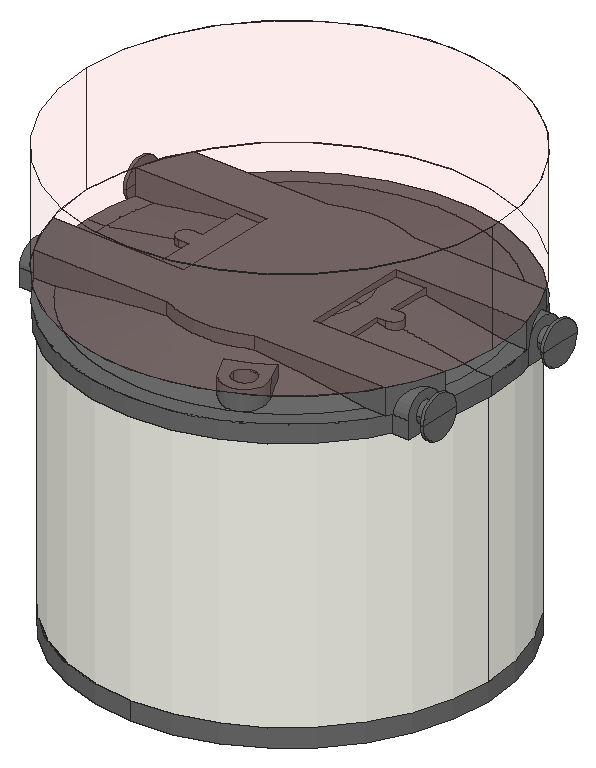
Revit family (continued)
Definition of nested family "Cooling_Plant_Accessories-Calmac-IceBank-Lid_C"
  Dimensions and locks (in)
    aligned and locked: curve 122 to cut or joined group of Revolve 1, Extrusion 2, Extrusion 4, Extrusion 5
    aligned and locked: curve 123 to cut or joined group of Revolve 1, Extrusion 2, Extrusion 4, Extrusion 5
    aligned and locked: curve 124 to cut or joined group of Revolve 1, Extrusion 2, Extrusion 4, Extrusion 5
    aligned and locked: curve 125 to cut or joined group of Revolve 1, Extrusion 2, Extrusion 4, Extrusion 5
    aligned and locked: curve 126 to cut or joined group of Revolve 1, Extrusion 2, Extrusion 4, Extrusion 5
    aligned and locked: curve 127 to cut or joined group of Revolve 1, Extrusion 2, Extrusion 4, Extrusion 5
    aligned and locked: curve 128 to cut or joined group of Revolve 1, Extrusion 2, Extrusion 4, Extrusion 5
    aligned and locked: curve 129 to cut or joined group of Revolve 1, Extrusion 2, Extrusion 4, Extrusion 5
    aligned and locked: curve 130 to cut or joined group of Revolve 1, Extrusion 2, Extrusion 4, Extrusion 5
    aligned and locked: curve 131 to cut or joined group of Revolve 1, Extrusion 2, Extrusion 4, Extrusion 5
    aligned and locked: curve 132 to cut or joined group of Revolve 1, Extrusion 2, Extrusion 4, Extrusion 5
    aligned and locked: curve 133 to cut or joined group of Revolve 1, Extrusion 2, Extrusion 4, Extrusion 5
    aligned and locked: curve 134 to cut or joined group of Revolve 1, Extrusion 2, Extrusion 4, Extrusion 5
    aligned and locked: curve 135 to cut or joined group of Revolve 1, Extrusion 2, Extrusion 4, Extrusion 5
    aligned and locked: curve 136 to cut or joined group of Revolve 1, Extrusion 2, Extrusion 4, Extrusion 5
    aligned and locked: curve 137 to cut or joined group of Revolve 1, Extrusion 2, Extrusion 4, Extrusion 5
    aligned and locked: curve 138 to cut or joined group of Revolve 1, Extrusion 2, Extrusion 4, Extrusion 5
    aligned and locked: curve 139 to cut or joined group of Revolve 1, Extrusion 2, Extrusion 4, Extrusion 5
    aligned and locked: curve 140 to cut or joined group of Revolve 1, Extrusion 2, Extrusion 4, Extrusion 5
    aligned and locked: curve 141 to cut or joined group of Revolve 1, Extrusion 2, Extrusion 4, Extrusion 5
    aligned and locked: curve 142 to cut or joined group of Revolve 1, Extrusion 2, Extrusion 4, Extrusion 5
    aligned and locked: curve 143 to cut or joined group of Revolve 1, Extrusion 2, Extrusion 4, Extrusion 5
    aligned and locked: curve 144 to cut or joined group of Revolve 1, Extrusion 2, Extrusion 4, Extrusion 5
    aligned and locked: curve 145 to cut or joined group of Revolve 1, Extrusion 2, Extrusion 4, Extrusion 5
    aligned and locked: curve 146 to cut or joined group of Revolve 1, Extrusion 2, Extrusion 4, Extrusion 5
    aligned and locked: curve 147 to cut or joined group of Revolve 1, Extrusion 2, Extrusion 4, Extrusion 5
    aligned and locked: curve 148 to cut or joined group of Revolve 1, Extrusion 2, Extrusion 4, Extrusion 5
    aligned and locked: cut or joined group of Revolve 1, Extrusion 2, Extrusion 4, Extrusion 5 to curve 149
    aligned and locked: curve 150 to cut or joined group of Revolve 1, Extrusion 2, Extrusion 4, Extrusion 5
    aligned and locked: curve 151 to cut or joined group of Revolve 1, Extrusion 2, Extrusion 4, Extrusion 5
    aligned and locked: cut or joined group of Revolve 1, Extrusion 2, Extrusion 4, Extrusion 5 to curve 152
    aligned and locked: curve 153 to cut or joined group of Revolve 1, Extrusion 2, Extrusion 4, Extrusion 5
    aligned and locked: curve 154 to cut or joined group of Revolve 1, Extrusion 2, Extrusion 4, Extrusion 5
    aligned and locked: curve 155 to cut or joined group of Revolve 1, Extrusion 2, Extrusion 4, Extrusion 5
    aligned and locked: curve 156 to cut or joined group of Revolve 1, Extrusion 2, Extrusion 4, Extrusion 5
    aligned and locked: curve 157 to cut or joined group of Revolve 1, Extrusion 2, Extrusion 4, Extrusion 5
    aligned and locked: curve 158 to cut or joined group of Revolve 1, Extrusion 2, Extrusion 4, Extrusion 5
    aligned and locked: curve 159 to cut or joined group of Revolve 1, Extrusion 2, Extrusion 4, Extrusion 5
    aligned and locked: curve 160 to cut or joined group of Revolve 1, Extrusion 2, Extrusion 4, Extrusion 5
    aligned and locked: curve 161 to cut or joined group of Revolve 1, Extrusion 2, Extrusion 4, Extrusion 5
    aligned and locked: curve 162 to cut or joined group of Revolve 1, Extrusion 2, Extrusion 4, Extrusion 5
    aligned and locked: curve 163 to cut or joined group of Revolve 1, Extrusion 2, Extrusion 4, Extrusion 5
    aligned and locked: curve 164 to cut or joined group of Revolve 1, Extrusion 2, Extrusion 4, Extrusion 5
    aligned and locked: curve 127 to curve 165
    aligned and locked: plane 19 "Rigging Front" to curve 166
    aligned and locked: plane 9 "Rigging Back" to curve 166
    aligned and locked: curve 121 to curve 167
    aligned and locked: plane 19 "Rigging Front" to curve 168
    aligned and locked: plane 9 "Rigging Back" to curve 168
    aligned and locked: plane 8 "Piping Back" to curve 167  (x2)
    aligned and locked: Masking region 3 sketch curve to plane 5 "Back Connector Back"
    aligned and locked: Masking region 3 sketch curve to plane 44 "Connection Sleeve Left"
    aligned and locked: plane 45 "Connection Sleeve Right" to Masking region 3 sketch curve
    aligned and locked: plane 15 "Front Connection Front" to Masking region 3 sketch curve
    aligned and locked: curve 169 to cut or joined group of Revolve 1, Extrusion 2, Extrusion 4, Extrusion 5
    aligned and locked: curve 170 to cut or joined group of Revolve 1, Extrusion 2, Extrusion 4, Extrusion 5
    aligned and locked: curve 171 to curve 169
    aligned and locked: curve 172 to curve 170
    aligned and locked: curve 173 to cut or joined group of Revolve 1, Extrusion 2, Extrusion 4, Extrusion 5
    aligned and locked: curve 174 to cut or joined group of Revolve 1, Extrusion 2, Extrusion 4, Extrusion 5
    aligned and locked: curve 175 to cut or joined group of Revolve 1, Extrusion 2, Extrusion 4, Extrusion 5
    aligned and locked: curve 176 to cut or joined group of Revolve 1, Extrusion 2, Extrusion 4, Extrusion 5
    aligned and locked: curve 177 to cut or joined group of Revolve 1, Extrusion 2, Extrusion 4, Extrusion 5
    aligned and locked: curve 178 to cut or joined group of Revolve 1, Extrusion 2, Extrusion 4, Extrusion 5
    aligned and locked: curve 179 to cut or joined group of Revolve 1, Extrusion 2, Extrusion 4, Extrusion 5
    aligned and locked: curve 180 to cut or joined group of Revolve 1, Extrusion 2, Extrusion 4, Extrusion 5
    aligned and locked: cut or joined group of Revolve 1, Extrusion 2, Extrusion 4, Extrusion 5 to curve 181
    aligned and locked: curve 182 to cut or joined group of Revolve 1, Extrusion 2, Extrusion 4, Extrusion 5
    aligned and locked: curve 183 to cut or joined group of Revolve 1, Extrusion 2, Extrusion 4, Extrusion 5
    aligned and locked: curve 184 to cut or joined group of Revolve 1, Extrusion 2, Extrusion 4, Extrusion 5
    aligned and locked: curve 185 to cut or joined group of Revolve 1, Extrusion 2, Extrusion 4, Extrusion 5
    aligned and locked: curve 186 to cut or joined group of Revolve 1, Extrusion 2, Extrusion 4, Extrusion 5
    aligned and locked: curve 187 to cut or joined group of Revolve 1, Extrusion 2, Extrusion 4, Extrusion 5
    aligned and locked: curve 188 to cut or joined group of Revolve 1, Extrusion 2, Extrusion 4, Extrusion 5
    aligned and locked: curve 189 to cut or joined group of Revolve 1, Extrusion 2, Extrusion 4, Extrusion 5
    aligned and locked: curve 190 to cut or joined group of Revolve 1, Extrusion 2, Extrusion 4, Extrusion 5
    aligned and locked: cut or joined group of Revolve 1, Extrusion 2, Extrusion 4, Extrusion 5 to curve 191
    aligned and locked: cut or joined group of Revolve 1, Extrusion 2, Extrusion 4, Extrusion 5 to curve 192
    aligned and locked: cut or joined group of Revolve 1, Extrusion 2, Extrusion 4, Extrusion 5 to curve 193
    aligned and locked: cut or joined group of Revolve 1, Extrusion 2, Extrusion 4, Extrusion 5 to curve 194
    aligned and locked: curve 195 to cut or joined group of Revolve 1, Extrusion 2, Extrusion 4, Extrusion 5
    aligned and locked: cut or joined group of Revolve 1, Extrusion 2, Extrusion 4, Extrusion 5 to curve 196
    aligned and locked: curve 197 to cut or joined group of Revolve 1, Extrusion 2, Extrusion 4, Extrusion 5
    aligned and locked: cut or joined group of Revolve 1, Extrusion 2, Extrusion 4, Extrusion 5 to curve 198
    aligned and locked: plane 6 "Back Connector Center" to nested 4
    aligned and locked: nested 4 to plane 44 "Connection Sleeve Left"
    aligned and locked: nested 1 to plane 6 "Back Connector Center"
    aligned and locked: nested 1 to plane 45 "Connection Sleeve Right"
    aligned and locked: plane 16 "Fron Connector Center" to nested 2
    aligned and locked: nested 2 to plane 45 "Connection Sleeve Right"
    aligned and locked: nested 3 to plane 16 "Fron Connector Center"
    aligned and locked: nested 3 to plane 44 "Connection Sleeve Left"
    aligned and locked: plane 2 "Bottom" to curve 201
    aligned and locked: plane 1 "Center (Front/Back)" to curve 201
    aligned and locked: plane 3 "Center (Left/Right)" to nested 5
    aligned and locked: plane 1 "Center (Front/Back)" to nested 5
    aligned: plane 54 "Top of Clearance Box" to nested 5
    aligned: plane 55 "Top" to nested 5  (x4)
    aligned and locked: Masking region 1 to plane 55 "Top"
    aligned and locked: plane 57 "Center (Elevation)" to Extrusion 3 sketch curve  (x4)
    aligned and locked: plane 7 "Back Connector Front" to Extrusion 3 sketch curve
    aligned and locked: plane 55 "Top" to cut or joined group of Revolve 1, Extrusion 2, Extrusion 4, Extrusion 5
    aligned and locked: plane 57 "Center (Elevation)" to curve 172
    aligned and locked: cut or joined group of Revolve 1, Extrusion 2, Extrusion 4, Extrusion 5 to plane 57 "Center (Elevation)"
    aligned: plane 57 "Center (Elevation)" to nested 1  (x2)
    aligned: plane 57 "Center (Elevation)" to nested 2  (x2)
    aligned and locked: plane 57 "Center (Elevation)" to cut or joined group of Revolve 1, Extrusion 2, Extrusion 4, Extrusion 5  (x5)
    aligned and locked: curve 171 to plane 57 "Center (Elevation)"
    aligned: plane 57 "Center (Elevation)" to nested 3
    aligned and locked: curve 120 to plane 56 "Connector Channel Top"
    aligned and locked: curve 114 to plane 56 "Connector Channel Top"
    aligned: Masking region 2 to plane 55 "Top"
    aligned: plane 56 "Connector Channel Top" to Masking region 2
    aligned and locked: plane 21 "Top Front Edge" to Masking region 2
    aligned and locked: plane 58 "Front Inset 2" to Masking region 2
    aligned and locked: plane 57 "Center (Elevation)" to curve 78
    aligned and locked: curve 173 to plane 57 "Center (Elevation)"
    aligned and locked: curve 77 to plane 8 "Piping Back"
    aligned and locked: plane 9 "Rigging Back" to curve 86
    aligned and locked: plane 19 "Rigging Front" to curve 80
    aligned and locked: curve 95 to plane 18 "Piping Front"
    aligned and locked: curve 84 to plane 10 "Rigging Loop Back"
    aligned and locked: curve 82 to plane 20 "Rigging Loop Front"
    aligned and locked: cut or joined group of Revolve 1, Extrusion 2, Extrusion 4, Extrusion 5 to plane 56 "Connector Channel Top"
    aligned and locked: nested 5 to plane 54 "Top of Clearance Box"
    aligned and locked: plane 57 "Center (Elevation)" to nested 1
    aligned and locked: plane 57 "Center (Elevation)" to nested 2
    aligned and locked: plane 57 "Center (Elevation)" to nested 3
    aligned and locked: plane 55 "Top" to nested 5  (x6)
    aligned and locked: plane 54 "Top of Clearance Box" to nested 5  (x4)
    aligned and locked: Masking region 2 sketch curve to plane 55 "Top"
    aligned and locked: plane 56 "Connector Channel Top" to Masking region 2 sketch curve
    aligned and locked: curve 202 to curve 187
    aligned and locked: curve 203 to curve 186
    aligned and locked: curve 204 to curve 185
    aligned and locked: curve 205 to curve 184
    aligned and locked: curve 206 to curve 183
    aligned and locked: curve 207 to curve 182
    aligned and locked: curve 208 to curve 181
    aligned and locked: curve 209 to curve 180
    aligned and locked: curve 210 to curve 179
    aligned and locked: curve 211 to curve 190
    aligned and locked: curve 212 to curve 189
    aligned and locked: curve 213 to curve 188
    aligned and locked: curve 214 to curve 172
    aligned and locked: curve 215 to curve 171
  Automatic sketch dimensions
    Extrusion 4 sketch curve to Extrusion 4 sketch curve = 0"
    Extrusion 5 sketch curve to plane 9 "Rigging Back" = 0"
    Extrusion 2 sketch curve to Extrusion 2 sketch curve = 0"  (x5)
    Extrusion 2 sketch curve to plane 35 "Top Left" = 0"
    Extrusion 2 sketch curve to plane 3 "Center (Left/Right)" = 0"
    Extrusion 2 sketch curve to plane 9 "Rigging Back" = 0"
    plane 30 "Left Lip Inset" to Extrusion 2 sketch curve = 1.96722"  (x2)
    plane 38 "Lid Inset Right" to Extrusion 2 sketch curve = 1.96722"  (x2)
    Extrusion 2 sketch curve to plane 20 "Rigging Loop Front" = 0.60261"
    Extrusion 2 sketch curve to plane 10 "Rigging Loop Back" = 0.60261"
    Masking region 2 sketch curve to plane 27 "Pad Eye Front Center" = 0.69072"
    Masking region 3 sketch curve to Masking region 3 sketch curve = 0"  (x7)
    Masking region 3 sketch curve to plane 5 "Back Connector Back" = 0"
    plane 15 "Front Connection Front" to Masking region 3 sketch curve = 0"
    Masking region 3 sketch curve to plane 43 "Top Right" = 29.61091"
    Masking region 3 sketch curve to plane 45 "Connection Sleeve Right" = 0"
    plane 38 "Lid Inset Right" to Masking region 3 sketch curve = 1.34348"
    Revolve 1 sketch curve to Revolve 1 sketch curve = 3 3/4"
    Revolve 1 sketch curve to Revolve 1 sketch curve = 9"
    Revolve 1 sketch curve to Revolve 1 sketch curve = 0"
    Masking region 1 sketch curve to Masking region 1 sketch curve = 9 1/4"
    Masking region 2 sketch curve to plane 22 "Front Inset" = 0"
    Masking region 2 sketch curve to Masking region 2 sketch curve = 3 3/4"
    Masking region 2 sketch curve to Masking region 2 sketch curve = 0.64281"
    level to Masking region 2 sketch curve = 6.26888"
    level to Masking region 2 sketch curve = 6.54801"
    Masking region 2 sketch curve to Masking region 2 sketch curve = 0.27913"
    Masking region 2 sketch curve to Masking region 2 sketch curve = 3.60719"
    curve 97 to level = 0"
    curve 97 to plane 44 "Connection Sleeve Left" = 0"
    curve 119 to plane 57 "Center (Elevation)" = 0"
    curve 119 to level = 0"
    curve 100 to plane 50 "Top Left Inset" = 0"
    curve 99 to plane 3 "Center (Left/Right)" = 0"
    curve 101 to plane 56 "Connector Channel Top" = 0"
    plane 43 "Top Right" to curve 103 = 0"
    plane 51 "Top Right Inset" to curve 110 = 0"
    curve 116 to plane 57 "Center (Elevation)" = 0"
    plane 45 "Connection Sleeve Right" to curve 114 = 0"
    curve 111 to level = 0"
    curve 100 to plane 55 "Top" = 0"
    curve 110 to plane 55 "Top" = 0"
    plane 44 "Connection Sleeve Left" to curve 117 = 0.88726"
    curve 117 to plane 30 "Left Lip Inset" = 0.835"
    curve 117 to plane 50 "Top Left Inset" = 0.71316"
    curve 119 to curve 98 = 0.55915"
    plane 50 "Top Left Inset" to curve 115 = 4.45635"
    curve 99 to plane 32 "Left Rigging Loop Inset" = 1.17979"
    plane 35 "Top Left" to curve 99 = 0"
    plane 43 "Top Right" to curve 99 = 0.20898"
    plane 57 "Center (Elevation)" to curve 106 = 0.73854"
    curve 106 to plane 43 "Top Right" = 2.02375"
    plane 46 "Right Center" to curve 106 = 0.99812"
    plane 46 "Right Center" to curve 106 = 0.88046"
    curve 108 to plane 46 "Right Center" = 0.34333"
    plane 41 "Right Rigging Loop Left" to curve 107 = 0.48196"
    curve 107 to curve 107 = 0.0769"
    plane 41 "Right Rigging Loop Left" to curve 102 = 0.25712"
    curve 109 to curve 98 = 5.53004"
    curve 116 to plane 51 "Top Right Inset" = 0.55915"
    curve 112 to plane 51 "Top Right Inset" = 0.71316"
    curve 114 to plane 38 "Lid Inset Right" = 0.835"
    plane 45 "Connection Sleeve Right" to curve 112 = 0.88726"
    plane 57 "Center (Elevation)" to curve 107 = 0.21408"
    plane 57 "Center (Elevation)" to curve 101 = 1.59188"
    plane 57 "Center (Elevation)" to curve 112 = 1.76036"
    plane 57 "Center (Elevation)" to curve 118 = 1.76036"
    curve 104 to curve 109 = 1.3737"
    curve 101 to curve 99 = 1.22618"
    level to curve 115 = 6.56901"
    curve 198 to plane 18 "Piping Front" = 0"
    curve 198 to plane 57 "Center (Elevation)" = 0"
    curve 198 to plane 55 "Top" = 0"
    curve 197 to plane 57 "Center (Elevation)" = 0.14855"
    curve 197 to plane 8 "Piping Back" = 0"
    curve 197 to plane 55 "Top" = 0"
    curve 196 to plane 18 "Piping Front" = 0"
    curve 195 to plane 8 "Piping Back" = 0"
    curve 195 to plane 57 "Center (Elevation)" = 0"
    curve 195 to plane 55 "Top" = 0"
    curve 196 to plane 57 "Center (Elevation)" = 0"
    curve 196 to plane 55 "Top" = 0.21345"
    curve 122 to curve 126 = 0"  (x2)
    curve 122 to curve 130 = 0"  (x2)
    curve 122 to curve 134 = 0"  (x2)
    curve 122 to curve 140 = 0"  (x2)
    curve 122 to curve 141 = 0"
    curve 122 to curve 155 = 0"
    curve 122 to curve 156 = 0"  (x2)
    curve 122 to curve 166 = 0"  (x2)
    curve 122 to curve 168 = 0"  (x2)
    curve 122 to curve 171 = 0"  (x2)
    curve 122 to curve 173 = 0"  (x2)
    curve 122 to curve 174 = 0"  (x2)
    curve 122 to curve 175 = 0"  (x2)
    curve 122 to curve 176 = 0"
    curve 122 to curve 177 = 0"  (x2)
    curve 122 to curve 178 = 0"
    curve 128 to curve 186 = 0"  (x2)
    curve 136 to curve 180 = 0"
    curve 161 to curve 163 = 0"
    curve 161 to curve 164 = 0"
    curve 133 to plane 52 "Right Side Chanel" = 0"
    curve 131 to plane 52 "Right Side Chanel" = 0"
    curve 178 to plane 38 "Lid Inset Right" = 0"
    plane 20 "Rigging Loop Front" to curve 145 = 0"
    plane 1 "Center (Front/Back)" to curve 146 = 0"
    curve 143 to plane 41 "Right Rigging Loop Left" = 0"
    curve 147 to plane 41 "Right Rigging Loop Left" = 0"
    curve 189 to plane 42 "Right Rigging Left" = 0"
    curve 128 to plane 43 "Top Right" = 0"
    curve 135 to plane 43 "Top Right" = 0"
    plane 18 "Piping Front" to curve 186 = 0"
    curve 186 to plane 43 "Top Right" = 0"
    curve 165 to plane 3 "Center (Left/Right)" = 0"
    curve 186 to plane 3 "Center (Left/Right)" = 0"
    curve 180 to plane 3 "Center (Left/Right)" = 0"
    curve 167 to plane 3 "Center (Left/Right)" = 0"
    plane 18 "Piping Front" to curve 127 = 0"
    curve 123 to plane 34 "Left Rigging Right" = 0"
    curve 153 to plane 33 "Left Rigging Loop Right" = 0"
    curve 158 to plane 33 "Left Rigging Loop Right" = 0"
    curve 150 to plane 10 "Rigging Loop Back" = 0"
    plane 1 "Center (Front/Back)" to curve 150 = 0"
    curve 122 to plane 50 "Top Left Inset" = 0"
    curve 126 to plane 50 "Top Left Inset" = 0"
    curve 176 to plane 30 "Left Lip Inset" = 0"
    curve 168 to curve 178 = 0"
    curve 130 to curve 174 = 4.45635"
    curve 165 to curve 174 = 0"
    plane 51 "Top Right Inset" to curve 173 = 4.45635"
    curve 167 to curve 173 = 0"
    curve 145 to plane 40 "Right Rigging Loop Inset" = 1.25367"
    curve 161 to plane 24 "Pad Eye Back Left Offset" = 0.24397"
    plane 41 "Right Rigging Loop Left" to curve 161 = 0.73123"
    curve 163 to plane 46 "Right Center" = 0.40154"
    plane 46 "Right Center" to curve 162 = 0.11395"
    curve 161 to plane 42 "Right Rigging Left" = 1.55753"
    curve 141 to plane 42 "Right Rigging Left" = 1.24396"
    plane 25 "Pad Eye Hole" to curve 161 = 0.41045"
    plane 42 "Right Rigging Left" to curve 161 = 2.62837"
    plane 26 "Pad Eye Back Left" to curve 160 = 0.04987"
    plane 43 "Top Right" to curve 160 = 0.20898"
    plane 43 "Top Right" to curve 179 = 0.88239"
    plane 1 "Center (Front/Back)" to curve 159 = 0.00093"
    plane 3 "Center (Left/Right)" to curve 159 = 0.00344"
    curve 156 to plane 34 "Left Rigging Right" = 1.24396"
    curve 150 to plane 32 "Left Rigging Loop Inset" = 1.24992"
    curve 166 to curve 175 = 0"
    curve 180 to plane 10 "Rigging Loop Back" = 0.60261"
    curve 167 to plane 1 "Center (Front/Back)" = 0.00493"
    curve 159 to curve 165 = 0.03088"
    curve 128 to plane 20 "Rigging Loop Front" = 0.60261"
    curve 194 to plane 19 "Rigging Front" = 0"
    curve 193 to plane 9 "Rigging Back" = 0"
    curve 194 to plane 57 "Center (Elevation)" = 0"
    curve 193 to plane 57 "Center (Elevation)" = 0"
    curve 194 to plane 55 "Top" = 0"
    curve 193 to plane 55 "Top" = 0"
    curve 192 to plane 57 "Center (Elevation)" = 0"
    curve 192 to plane 55 "Top" = 0"
    curve 191 to plane 9 "Rigging Back" = 0"
    curve 191 to plane 57 "Center (Elevation)" = 0"
    curve 191 to plane 55 "Top" = 0"
    curve 192 to plane 19 "Rigging Front" = 0"
    curve 92 to plane 21 "Top Front Edge" = 0"
    curve 76 to plane 11 "Top Back Edge" = 0"
    curve 78 to plane 12 "Back Inset" = 0"
    level to curve 74 = 0"
    level to curve 89 = 0"
    level to curve 90 = 0"
    level to curve 75 = 0"
    plane 56 "Connector Channel Top" to curve 81 = 0"
    plane 56 "Connector Channel Top" to curve 85 = 0"
    curve 80 to plane 55 "Top" = 0"
    curve 77 to plane 55 "Top" = 0"
    curve 201 to plane 55 "Top" = 0"
    curve 86 to plane 55 "Top" = 0"
    curve 95 to plane 55 "Top" = 0"
    plane 23 "Pad Eye Back Right" to curve 91 = 0.21387"
    curve 91 to plane 58 "Front Inset 2" = 0.00052"
    plane 22 "Front Inset" to curve 96 = 0.00227"
    plane 18 "Piping Front" to curve 92 = 0.02422"
    curve 93 to plane 20 "Rigging Loop Front" = 0.00136"
    plane 1 "Center (Front/Back)" to curve 94 = 0.0138"
    plane 1 "Center (Front/Back)" to curve 94 = 0.00177"
    curve 93 to plane 1 "Center (Front/Back)" = 0.01386"
    curve 94 to plane 10 "Rigging Loop Back" = 0.00136"
    curve 76 to plane 8 "Piping Back" = 0.00969"
    plane 56 "Connector Channel Top" to curve 93 = 1.56605"
    plane 56 "Connector Channel Top" to curve 76 = 1.45199"
    plane 56 "Connector Channel Top" to curve 92 = 1.45199"
    curve 94 to curve 93 = 0.32132"
    curve 94 to curve 83 = 0.34177"
    curve 94 to curve 84 = 0.00054"
    curve 94 to curve 94 = 0.00054"
    curve 82 to curve 93 = 0.00002"
    curve 93 to curve 93 = 0.00002"
    curve 16 to curve 167 = 1.61517"
    curve 18 to curve 18 = 0.6236"
    curve 17 to plane 11 "Top Back Edge" = 1.60052"
    curve 18 to curve 17 = 0.6236"
    curve 18 to curve 16 = 1.56427"
    curve 16 to curve 17 = 1.24719"
    curve 18 to curve 17 = 0.78196"
    curve 17 to curve 17 = 1.24746"
    curve 16 to curve 17 = 1.56393"
    curve 15 to plane 31 "Left Rigging Loop Left" = 0.92879"
    curve 15 to curve 15 = 0.78196"
    curve 15 to curve 13 = 1.24746"
    curve 15 to curve 14 = 0.78196"
    curve 13 to curve 14 = 1.56393"
    curve 14 to curve 16 = 5.29454"
    curve 15 to curve 14 = 0.6236"
    curve 14 to curve 14 = 1.56427"
    curve 13 to curve 14 = 1.24719"
    plane 1 "Center (Front/Back)" to curve 60 = 0"
    curve 1 to plane 47 "Bolt Inset Right" = 0"
    curve 41 to plane 14 "Front" = 0"
    curve 41 to plane 47 "Bolt Inset Right" = 0"
    curve 42 to plane 3 "Center (Left/Right)" = 0"
    curve 2 to plane 48 "Bolt Inset Left" = 0"
    plane 1 "Center (Front/Back)" to curve 24 = 0"
    plane 4 "Back" to curve 2 = 0"
    plane 4 "Back" to curve 1 = 0"
    plane 49 "Bolt Inset Center" to curve 3 = 0"
    curve 40 to plane 14 "Front" = 0"
    curve 58 to plane 37 "Right" = 0.00227"
    curve 59 to plane 37 "Right" = 0.00227"
    curve 61 to plane 52 "Right Side Chanel" = 0.5656"
    curve 56 to plane 52 "Right Side Chanel" = 0.5656"
    curve 55 to plane 52 "Right Side Chanel" = 0.12048"
    curve 62 to plane 52 "Right Side Chanel" = 0.12048"
    plane 45 "Connection Sleeve Right" to curve 60 = 0.26851"
    curve 56 to plane 38 "Lid Inset Right" = 0.97814"
    curve 63 to plane 38 "Lid Inset Right" = 0.97814"
    curve 63 to plane 38 "Lid Inset Right" = 0.75558"
    curve 57 to plane 38 "Lid Inset Right" = 0.75558"
    curve 62 to plane 38 "Lid Inset Right" = 0.53302"
    curve 55 to plane 38 "Lid Inset Right" = 0.53302"
    curve 53 to plane 23 "Pad Eye Back Right" = 1.03206"
    plane 51 "Top Right Inset" to curve 53 = 3.26006"
    plane 51 "Top Right Inset" to curve 64 = 3.26006"
    plane 26 "Pad Eye Back Left" to curve 52 = 1.31658"
    curve 53 to curve 52 = 1.24719"
    curve 64 to curve 65 = 1.24719"
    curve 64 to curve 66 = 1.56427"
    curve 64 to plane 11 "Top Back Edge" = 1.60052"
    plane 23 "Pad Eye Back Right" to curve 53 = 0.21541"
    curve 53 to curve 53 = 1.56427"
    curve 53 to curve 54 = 0.6236"
    curve 66 to curve 66 = 0.6236"  (x2)
    curve 54 to curve 52 = 0.6236"
    curve 67 to plane 39 "Right Rigging Loop Right" = 3.74019"
    plane 25 "Pad Eye Hole" to curve 50 = 0.6295"
    curve 50 to plane 39 "Right Rigging Loop Right" = 3.74019"
    curve 67 to curve 67 = 1.24746"
    curve 50 to curve 50 = 1.24746"
    curve 49 to plane 25 "Pad Eye Hole" = 0.61769"
    curve 50 to curve 49 = 1.56393"
    curve 67 to curve 68 = 1.56393"
    curve 69 to curve 69 = 0.78196"
    curve 50 to curve 51 = 0.78196"
    curve 49 to plane 39 "Right Rigging Loop Right" = 0.92879"
    curve 69 to plane 39 "Right Rigging Loop Right" = 0.92879"
    plane 41 "Right Rigging Loop Left" to curve 47 = 0.54143"
    plane 41 "Right Rigging Loop Left" to curve 70 = 0.54143"
    plane 41 "Right Rigging Loop Left" to curve 48 = 1.40954"
    plane 41 "Right Rigging Loop Left" to curve 72 = 1.40954"
    curve 72 to plane 46 "Right Center" = 0.53926"
    curve 48 to plane 46 "Right Center" = 0.53926"
    plane 22 "Front Inset" to curve 46 = 0.13961"
    curve 46 to plane 46 "Right Center" = 0.50624"
    plane 12 "Back Inset" to curve 71 = 0.13961"
    curve 71 to plane 46 "Right Center" = 0.50624"
    plane 46 "Right Center" to curve 48 = 0.36187"
    plane 46 "Right Center" to curve 72 = 0.36187"
    curve 4 to plane 43 "Top Right" = 1.29276"
    curve 44 to plane 43 "Top Right" = 1.29276"
    curve 45 to plane 43 "Top Right" = 0.84755"
    plane 13 "Back Bolt Front" to curve 6 = 0.28224"
    curve 6 to plane 43 "Top Right" = 0.84755"
    plane 43 "Top Right" to curve 45 = 0.12755"
    plane 13 "Back Bolt Front" to curve 6 = 0.05968"
    plane 43 "Top Right" to curve 6 = 0.12755"
    plane 43 "Top Right" to curve 43 = 0.65743"
    plane 43 "Top Right" to curve 5 = 0.65743"
    curve 45 to curve 43 = 0.97509"
    curve 5 to plane 13 "Back Bolt Front" = 0.16288"
    curve 9 to plane 13 "Back Bolt Front" = 0.16288"
    plane 35 "Top Left" to curve 9 = 1.10264"
    plane 35 "Top Left" to curve 38 = 1.10264"
    plane 35 "Top Left" to curve 38 = 0.65743"
    plane 35 "Top Left" to curve 7 = 0.65743"
    plane 35 "Top Left" to curve 39 = 0.12755"
    plane 13 "Back Bolt Front" to curve 9 = 0.05968"
    plane 35 "Top Left" to curve 9 = 0.12755"
    curve 39 to plane 22 "Front Inset" = 0.53076"
    curve 39 to plane 35 "Top Left" = 0.84755"
    plane 13 "Back Bolt Front" to curve 8 = 0.28224"
    curve 8 to plane 35 "Top Left" = 1.29276"
    curve 37 to plane 35 "Top Left" = 1.29276"
    plane 33 "Left Rigging Loop Right" to curve 36 = 3.21178"
    plane 33 "Left Rigging Loop Right" to curve 12 = 3.21178"
    plane 12 "Back Inset" to curve 10 = 0.13961"
    curve 10 to curve 10 = 0.8681"
    plane 22 "Front Inset" to curve 35 = 0.13961"
    curve 36 to curve 35 = 0.8681"
    curve 12 to curve 12 = 0.90112"
    curve 35 to curve 36 = 0.90112"
    curve 12 to curve 11 = 0.90112"
    curve 36 to plane 58 "Front Inset 2" = 0.83541"
    curve 36 to curve 36 = 0.90112"
    plane 33 "Left Rigging Loop Right" to curve 11 = 0.54143"
    plane 33 "Left Rigging Loop Right" to curve 34 = 0.54143"
    curve 32 to plane 31 "Left Rigging Loop Left" = 0.92879"
    curve 32 to curve 33 = 0.78196"
    curve 32 to plane 25 "Pad Eye Hole" = 0.61769"
    curve 33 to curve 32 = 1.24746"
    curve 33 to curve 33 = 0.78196"
    plane 25 "Pad Eye Hole" to curve 31 = 0.6295"
    curve 32 to curve 31 = 1.56393"
    curve 30 to curve 165 = 1.61517"
    curve 29 to plane 23 "Pad Eye Back Right" = 1.34852"
    curve 29 to curve 30 = 0.6236"
    plane 23 "Pad Eye Back Right" to curve 28 = 0.21541"
    curve 30 to curve 28 = 0.6236"
    plane 26 "Pad Eye Back Left" to curve 29 = 1.31658"
    curve 30 to curve 29 = 1.56427"
    curve 28 to plane 23 "Pad Eye Back Right" = 1.03206"
    curve 29 to curve 28 = 1.24719"
    curve 19 to plane 30 "Left Lip Inset" = 0.53302"
    curve 27 to plane 30 "Left Lip Inset" = 0.53302"
    curve 21 to plane 30 "Left Lip Inset" = 0.75558"
    curve 27 to plane 30 "Left Lip Inset" = 0.75558"
    curve 20 to plane 30 "Left Lip Inset" = 0.97814"
    curve 27 to plane 30 "Left Lip Inset" = 0.97814"
    plane 44 "Connection Sleeve Left" to curve 23 = 0.26851"
    curve 26 to plane 53 "Left Side Channel" = 0.12048"
    curve 19 to plane 53 "Left Side Channel" = 0.12048"
    curve 20 to plane 53 "Left Side Channel" = 0.5656"
    curve 25 to plane 53 "Left Side Channel" = 0.5656"
    curve 22 to plane 29 "Left" = 0.00227"
    curve 23 to plane 29 "Left" = 0.00227"
    plane 4 "Back" to curve 5 = 0.88851"
    plane 4 "Back" to curve 7 = 0.88851"
    curve 8 to plane 49 "Bolt Inset Center" = 0.66715"
    curve 4 to plane 49 "Bolt Inset Center" = 0.66715"
    plane 12 "Back Inset" to curve 11 = 1.00752"
    plane 12 "Back Inset" to curve 70 = 1.00752"
    plane 12 "Back Inset" to curve 10 = 1.94225"
    plane 12 "Back Inset" to curve 71 = 1.94225"
    curve 12 to curve 12 = 0.43396"
    curve 71 to curve 72 = 0.43396"
    plane 12 "Back Inset" to curve 68 = 5.22954"
    curve 68 to curve 67 = 1.24719"
    curve 68 to curve 68 = 1.56427"
    curve 68 to curve 69 = 0.6236"
    curve 65 to curve 64 = 2.81139"
    curve 65 to curve 64 = 1.56393"
    curve 65 to curve 66 = 0.78196"
    curve 19 to plane 9 "Rigging Back" = 0.41389"
    curve 62 to plane 9 "Rigging Back" = 0.41389"
    curve 21 to plane 9 "Rigging Back" = 0.85911"
    curve 62 to plane 9 "Rigging Back" = 0.85911"
    curve 62 to curve 63 = 0.97509"
    curve 21 to curve 21 = 0.97509"
    curve 62 to curve 61 = 1.95019"
    curve 19 to curve 20 = 1.95019"
    curve 59 to plane 10 "Rigging Loop Back" = 0.99983"
    curve 24 to plane 10 "Rigging Loop Back" = 0.99983"
    curve 25 to plane 19 "Rigging Front" = 2.80929"
    curve 56 to plane 19 "Rigging Front" = 2.80929"
    curve 57 to curve 56 = 0.44521"
    curve 25 to curve 25 = 0.44521"
    curve 56 to curve 57 = 0.97509"
    curve 27 to curve 27 = 0.97509"
    curve 26 to plane 19 "Rigging Front" = 0.41389"
    curve 55 to plane 19 "Rigging Front" = 0.41389"
    curve 54 to plane 23 "Pad Eye Back Right" = 0.56656"
    curve 33 to curve 31 = 1.56427"
    curve 51 to curve 50 = 1.56427"
    curve 50 to curve 51 = 0.6236"
    curve 33 to curve 33 = 0.6236"
    curve 48 to plane 58 "Front Inset 2" = 0.83541"
    curve 36 to curve 36 = 0.43396"
    curve 47 to curve 48 = 0.43396"
    plane 22 "Front Inset" to curve 47 = 1.00752"
    plane 22 "Front Inset" to curve 34 = 1.00752"
    curve 44 to plane 22 "Front Inset" = 0.53076"
    curve 39 to plane 22 "Front Inset" = 0.75332"
    curve 45 to plane 22 "Front Inset" = 0.75332"
    curve 40 to plane 22 "Front Inset" = 1.81422"
    plane 14 "Front" to curve 44 = 1.33363"
    plane 14 "Front" to curve 37 = 1.33363"
    plane 14 "Front" to curve 43 = 0.88851"
    plane 14 "Front" to curve 38 = 0.88851"
    curve 200 to plane 3 "Center (Left/Right)" = 0"
    curve 210 to curve 209 = 0.88239"
    curve 199 to plane 37 "Right" = 0"
    plane 1 "Center (Front/Back)" to curve 199 = 0"
    curve 199 to plane 29 "Left" = 0"
    curve 214 to curve 216 = 0"  (x2)
    curve 214 to curve 217 = 0"  (x2)
    curve 202 to plane 51 "Top Right Inset" = 0"
    plane 14 "Front" to curve 200 = 0.00227"
    curve 207 to plane 53 "Left Side Channel" = 0"
    plane 4 "Back" to curve 200 = 0.00227"
  Nested families (in)
    nested 1: "Cooling_Plant_Accessories-Calmac-IceBank-4-Inch Flanged Connection" at (42.58273, 16.5, 3.75), Pipe Material <- "Pipe Material", visible <- "Is Back Right Flanged Connector Visibility", type "Flanged Connection"
      with Pipe Material Plastic- Calmac- Black
    nested 2: "Cooling_Plant_Accessories-Calmac-IceBank-4-Inch Flanged Connection" at (42.58273, -16.5, 3.75), Pipe Material <- "Pipe Material", visible <- "Is Front Right  Flanged Connector Visibility", type "Flanged Connection"
      with Pipe Material Plastic- Calmac- Black
    nested 3: "Cooling_Plant_Accessories-Calmac-IceBank-4-Inch Flanged Connection" at (-42.58273, -16.5, 3.75) x (-1, 0, 0) z (0, 0, 1), Pipe Material <- "Pipe Material", visible <- "Is Front Left  Flanged Connector Visibility", type "Flanged Connection"
      with Pipe Material Plastic- Calmac- Black
    nested 4: "Cooling_Plant_Accessories-Calmac-IceBank-4-Inch Flanged Connection" at (-42.58273, 16.5, 3.75) x (-1, 0, 0) z (0, 0, 1), Pipe Material <- "Pipe Material", visible <- "Is Back Left  Flanged Connector Visibility", type "Flanged Connection"
      with Pipe Material Plastic- Calmac- Black
    nested 5: "Cooling_Plant_Accessories-Calmac-IceBankClearance Box" at (0, 0, 15.25), CTRL Radius <- "CTRL Radius", visible <- "Is Clearance Box Visible", type "Include Clearance"
      with Width 88 5/8", Height 36", Depth 88 5/8", CTRL Radius 44 5/16"
  Definition of nested family "Cooling_Plant_Accessories-Calmac-IceBank-4-Inch Flanged Connection"
    Parameters (values of type "4"")
      Pipe Material [instance] = none
      No Flange = not(Has Flange)  # no
      Has Flange = yes
    Reference planes (in)
      plane 1 "Center (Front/Back)": y = 0
      plane 2 "Center (Elevation)": z = 0
      plane 3 "Center (Left/Right)": x = 0
      plane 4 "Back": y = 4.5
      plane 5 "Back Face": x = 2.79297
      plane 6 "Base Back": y = 2.25
      plane 7 "Fase Back": y = 3
      plane 8 "Front": y = -4.5
      plane 9 "Base Front": y = -2.25
      plane 10 "Face Front": y = -3
      plane 11 "Face": x = 3.41797
      plane 12 "T.O. Flange": z = 4.5
      plane 13 "T.O. Pipe": z = 2.25
      plane 14 "B.O. Flange": z = -4.5
      plane 15 "B.O. Pipe": z = -2.25
    Forms (in)
      Revolve 1, solid, material <- "Pipe Material", visible <- "Has Flange", detail levels fine
        sketch origin (0, 0, 0) x (1, 0, 0) y (0, 1, 0)
          loop
            line (0, 2.25) -> (0, 0) -> (3.41797, 0) -> (3.41797, 4.5) -> (2.79297, 4.5) -> (2.79297, 2.25) -> (0, 2.25)
          axis (0, 0) -> (3.41797, 0)
        angle from 0 to 360
      Extrusion 2, solid, material <- "Pipe Material", visible <- "No Flange", detail levels fine
        sketch origin (3.41797, 0, 0) x (0, 1, 0) y (0, 0, 1)
          loop
            circle (0, 0) r 2.25
        from -3.41797 to 0
    Lines and regions (in)
      Masking region 1, detail levels fine
        outline origin (0, 0, 0) x (0, 1, 0) y (0, 0, 1)
          loop
            circle (0, 0) r 4.5
      Masking region 2, detail levels fine
        outline origin (0, 0, 0) x (1, 0, 0) y (0, 0, 1)
          loop
            line (3.41797, 4.5) -> (2.79297, 4.5) -> (2.79297, 2.25) -> (0, 2.25) -> (0, -2.25) -> (2.79297, -2.25) -> (2.79297, -4.5) -> (3.41797, -4.5) -> (3.41797, 4.5)
      Masking region 3, visible <- "Has Flange", detail levels fine
        outline origin (0, 0, 0) x (1, 0, 0) y (0, 1, 0)
          loop
            line (0, 2.25) -> (0, -2.25) -> (2.79297, -2.25) -> (2.79297, -4.5) -> (3.41797, -4.5) -> (3.41797, 4.5) -> (2.79297, 4.5) -> (2.79297, 2.25) -> (0, 2.25)
      Masking region 4, visible <- "No Flange", detail levels fine
        outline origin (0, 0, 0) x (1, 0, 0) y (0, 1, 0)
          loop
            line (0, 2.25) -> (0, -2.25) -> (3.41797, -2.25) -> (3.41797, 2.25) -> (0, 2.25)
      model lines, style "Piping", detail levels medium
        curve 1: line (0, 0, 0) -> (3.41797, 0, 0)
        curve 2: arc (3.41797, -4.5, 0) -> (3.41797, 0, 4.5) -> (3.41797, 4.5, 0) r 4.5
        curve 3: arc (3.41797, 4.5, 0) -> (3.41797, 0, -4.5) -> (3.41797, -4.5, 0) r 4.5
      symbolic lines, detail levels coarse+medium
        curve 4: line (0, 0, 0) -> (3.41797, 0, 0)
        curve 5: line (0, 0, 0) -> (3.41797, 0, 0)
    Dimensions and locks (in)
      locked: plane 4 "Back" to plane 7 "Fase Back" at 1.5
      locked: plane 4 "Back" to plane 6 "Base Back" at 2.25
      locked: plane 8 "Front" to plane 10 "Face Front" at 1.5
      locked: plane 8 "Front" to plane 9 "Base Front" at 2.25
      locked: plane 1 "Center (Front/Back)" to plane 6 "Base Back" at 2.25
      locked: plane 9 "Base Front" to plane 1 "Center (Front/Back)" at 2.25
      locked: plane 3 "Center (Left/Right)" to plane 11 "Face" at 3.41797
      locked: plane 5 "Back Face" to plane 11 "Face" at 0.625
      locked: plane 2 "Center (Elevation)" to plane 14 "B.O. Flange" at 4.5
      locked: plane 2 "Center (Elevation)" to plane 15 "B.O. Pipe" at 2.25
      locked: plane 12 "T.O. Flange" to plane 2 "Center (Elevation)" at 4.5
      locked: plane 12 "T.O. Flange" to plane 13 "T.O. Pipe" at 2.25
      aligned and locked: Revolve 1 sketch curve to plane 3 "Center (Left/Right)"
      aligned and locked: Revolve 1 sketch curve to plane 5 "Back Face"
      aligned and locked: Revolve 1 sketch curve to plane 11 "Face"
      aligned and locked: Revolve 1 sketch curve to plane 1 "Center (Front/Back)"
      aligned and locked: Revolve 1 sketch curve to plane 4 "Back"
      aligned and locked: Revolve 1 sketch curve to plane 6 "Base Back"
      aligned and locked: plane 1 "Center (Front/Back)" to Revolve 1 sketch curve  (x2)
      aligned and locked: plane 3 "Center (Left/Right)" to Revolve 1 sketch curve
      aligned and locked: Masking region 1 sketch curve to Revolve 1  (x2)
      aligned and locked: Masking region 2 sketch curve to Revolve 1  (x3)
      aligned and locked: Masking region 2 sketch curve to plane 5 "Back Face"
      aligned and locked: Masking region 2 sketch curve to plane 3 "Center (Left/Right)"
      aligned and locked: Masking region 3 sketch curve to plane 3 "Center (Left/Right)"
      aligned and locked: Masking region 3 sketch curve to plane 4 "Back"
      aligned and locked: Masking region 3 sketch curve to plane 6 "Base Back"
      aligned and locked: plane 9 "Base Front" to Masking region 3 sketch curve
      aligned and locked: plane 8 "Front" to Masking region 3 sketch curve
      aligned and locked: Masking region 3 sketch curve to plane 11 "Face"
      aligned and locked: Masking region 3 sketch curve to plane 5 "Back Face"  (x2)
      aligned and locked: plane 1 "Center (Front/Back)" to curve 1
      aligned and locked: plane 3 "Center (Left/Right)" to curve 1
      aligned and locked: curve 2 to Revolve 1
      aligned and locked: curve 3 to Revolve 1
      aligned and locked: plane 11 "Face" to curve 1
      aligned and locked: plane 11 "Face" to curve 4
      aligned and locked: plane 3 "Center (Left/Right)" to curve 4
      aligned and locked: plane 1 "Center (Front/Back)" to curve 4
      aligned and locked: plane 11 "Face" to curve 5
      aligned and locked: plane 3 "Center (Left/Right)" to curve 5
      aligned and locked: curve 5 to plane 2 "Center (Elevation)"
      aligned and locked: Masking region 2 to plane 12 "T.O. Flange"
      aligned and locked: plane 13 "T.O. Pipe" to Masking region 2
      aligned and locked: plane 2 "Center (Elevation)" to curve 1
      aligned and locked: plane 15 "B.O. Pipe" to Masking region 2
      aligned and locked: Masking region 2 to plane 14 "B.O. Flange"
      aligned and locked: plane 1 "Center (Front/Back)" to Extrusion 2 sketch curve
      aligned and locked: plane 2 "Center (Elevation)" to Extrusion 2 sketch curve
      aligned and locked: Extrusion 2 to plane 3 "Center (Left/Right)"
      aligned and locked: plane 11 "Face" to Extrusion 2
      aligned and locked: Masking region 4 sketch curve to plane 9 "Base Front"
      aligned and locked: Masking region 4 sketch curve to plane 6 "Base Back"
      aligned and locked: plane 3 "Center (Left/Right)" to Masking region 4 sketch curve
      aligned and locked: Masking region 4 sketch curve to plane 11 "Face"
  Definition of nested family "Cooling_Plant_Accessories-Calmac-IceBankClearance Box"
    Parameters (values of type "Include Clearance")
      Width [instance] = CTRL Radius * 2  # 89"
      Height [instance] = 36"
      Depth [instance] = Width  # 89"
      Clearance Material = Clearance
      CTRL Radius [instance] = 44 1/2"
      Assembly Code = ""
    Reference planes (in)
      plane 1 "Center (Front/Back)": y = 0
      plane 2 "Bottom": z = -6
      plane 3 "Center (Left/Right)": x = 0
      plane 4 "Top": z = 30
      plane 5 "Back": y = 44.5
      plane 6 "Left": x = -44.5
      plane 7 "Front": y = -44.5
      plane 8 "Right": x = 44.5
      plane 9 "Center (Elevation)": z = 12
    Forms (in)
      Extrusion 1, solid, material "Clearance" <- "Clearance Material"
        sketch origin (0, 0, 30) x (-1, 0, 0) y (0, -1, 0)
          loop
            circle (0, 0) r 44.5
        from -36 to 0
    Lines and regions (in)
      symbolic lines, style "Clearance"
        curve 1: line (-44.5, 0, 30) -> (44.5, 0, 30)
        curve 2: line (-44.5, 0, -6) -> (-44.5, 0, 30)
        curve 3: line (44.5, 0, -6) -> (-44.5, 0, -6)
        curve 4: line (44.5, 0, 30) -> (44.5, 0, -6)
        curve 5: line (0, -44.5, 30) -> (0, 44.5, 30)
        curve 6: line (0, -44.5, -6) -> (0, -44.5, 30)
        curve 7: line (0, 44.5, -6) -> (0, -44.5, -6)
        curve 8: line (0, 44.5, 30) -> (0, 44.5, -6)
        curve 9: circle (0, 0, 30) r 44.5 normal (0, 0, 1)
    Dimensions and locks (in)
      "Height": plane 4 "Top" to plane 2 "Bottom"
      "Depth": plane 5 "Back" to plane 7 "Front"
      "Width": plane 6 "Left" to plane 8 "Right"
      equal spacing: plane 6 "Left", plane 3 "Center (Left/Right)", plane 8 "Right"
      equal spacing: plane 5 "Back", plane 1 "Center (Front/Back)", plane 7 "Front"
      equal spacing: plane 4 "Top", plane 9 "Center (Elevation)", plane 2 "Bottom"
      "CTRL Radius": radius of Extrusion 1 sketch curve
      "CTRL Radius": radius of curve 9
      aligned: level to plane 2 "Bottom"
      aligned and locked: plane 3 "Center (Left/Right)" to Extrusion 1 sketch curve
      aligned and locked: plane 1 "Center (Front/Back)" to Extrusion 1 sketch curve
      aligned and locked: plane 3 "Center (Left/Right)" to curve 9
      aligned and locked: plane 1 "Center (Front/Back)" to curve 9
      aligned and locked: Extrusion 1 to plane 2 "Bottom"
      aligned and locked: plane 2 "Bottom" to curve 3
      aligned and locked: plane 2 "Bottom" to curve 7
      aligned and locked: plane 4 "Top" to Extrusion 1
      aligned and locked: curve 1 to plane 4 "Top"
      aligned and locked: curve 5 to plane 4 "Top"
      aligned and locked: curve 8 to plane 5 "Back"
      aligned and locked: curve 6 to plane 7 "Front"
      aligned and locked: curve 4 to plane 8 "Right"
      aligned and locked: curve 2 to plane 6 "Left"
